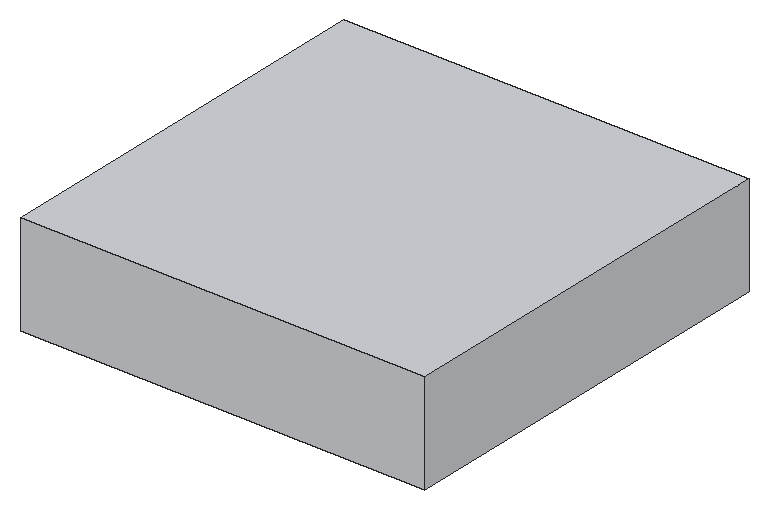
Revit family "Pressure Connector", category Electrical Fixtures, Revit 2022
Family settings
  Round Connector Dimension = Use Diameter
  Part Type = Normal
  OmniClass Number = 23.80.00.00
  OmniClass Title = Electric Power and Lighting
  Work Plane-Based = No
  Always vertical = Yes
  Cut with Voids When Loaded = No
  Maintain Annotation Orientation = No
  Shared = No
  Room Calculation Point = No
Parameters
  コネクタ直径 [instance] = 16 mm
  W [instance] = 200 mm
  Default Elevation = 0 mm
  D [instance] = 200 mm
Reference planes
  plane 1 "Center (Front/Back)": y = 0
  plane 2: z = 0
  plane 3 "Center (Left/Right)": x = 0
  plane 4: x = -100
  plane 5: x = 100
  plane 6: y = 100
  plane 7: y = -100
  plane 8: z = 50
Forms (mm)
  Extrusion 1, solid
    sketch origin (0, 0, 0) x (1, 0, 0) y (0, 1, 0)
      loop
        line (-100, 100) -> (-100, -100) -> (100, -100) -> (100, 100) -> (-100, 100)
    from 0 to 50
Dimensions and locks
  equal spacing: plane 4, plane 3 "Center (Left/Right)", plane 5
  "W": plane 4 to plane 5
  equal spacing: plane 6, plane 1 "Center (Front/Back)", plane 7
  "D": plane 6 to plane 7
  aligned and locked: level to plane 2
  aligned and locked: Extrusion 1 sketch curve to plane 6
  aligned and locked: plane 4 to Extrusion 1 sketch curve
  aligned and locked: plane 7 to Extrusion 1 sketch curve
  aligned and locked: Extrusion 1 sketch curve to plane 5
  aligned and locked: plane 8 to Extrusion 1
Connectors
  cabletrayconduit at (0, 0, 50), diameter 16
    settings: on Extrusion 1, index 1, connector width 300 mm, connector height 300 mm, connector angle 0.00°, system type 32, placement type 0, profile type 0, connector reference index -1, is primary connector yes, connector utility param no, connector description ""
